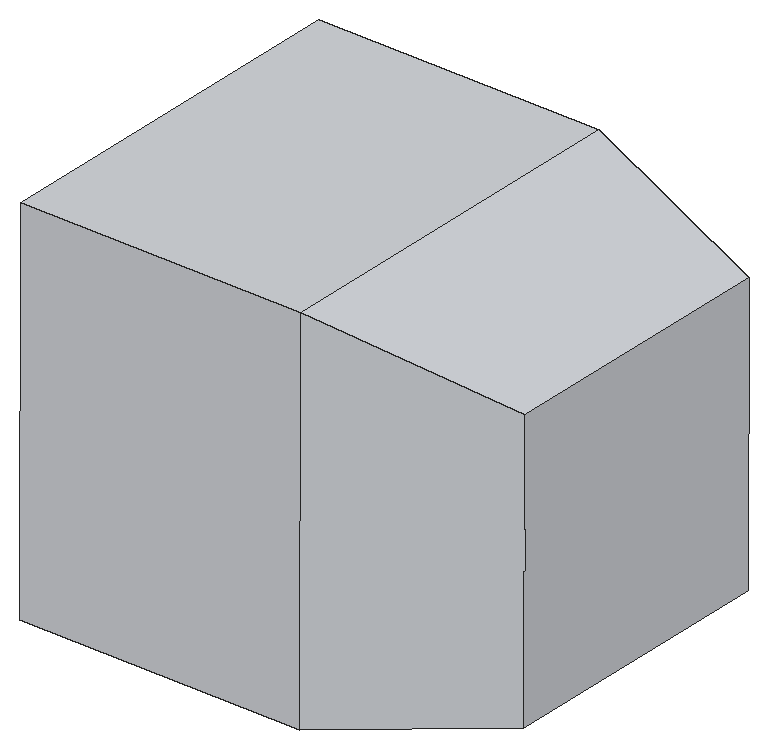
Revit family "M_Torneira retangular - Piramidal", category Conexões de duto, Revit 2019
Family settings
  Cota do conector redondo = Utilizar diâmetro
  Tipo de parte = Derivação - Ajustável
  Número OmniClass = 23.75.70.14
  Título OmniClass = Air Ductwork
  ID de item do Seek = Rectangular Tap - Pyramidal-0000-CAN-ENU
  Com base no plano de trabalho = Não
  Sempre na vertical = Sim
  Corte com vazios quando carregada = Não
  Compartilhado = Não
Parameters (values of type "Padrão")
  built-in parameter 1114214 [instance] = 150 mm
  built-in parameter 1114213 [instance] = 100 mm
  built-in parameter 1114215 [instance] = if(Largura do duto 2 > 400 mm, Largura do duto 2 * Multiplicador de comprimento, 100 mm)  # 0.32808 (stored number, unit not read)
  Multiplicador de comprimento [instance] = 0.25
  Largura do duto 2 [instance] = 150 mm
  Largura do duto 1 [instance] = Largura do duto 2 + Largura de ajuste  # 200 mm
  Altura do duto 2 [instance] = 150 mm
  Altura do duto 1 [instance] = Altura do duto 2 + Altura de ajuste  # 200 mm
  Largura de ajuste [instance] = 50 mm
  Altura de ajuste [instance] = 50 mm
Reference planes
  plane 1 "Centro (Frente/Trás)": y = 0
  plane 2: z = 0
  plane 3 "Centro (Esquerda/Direita)": x = 0
  plane 4: y = 75
  plane 5: y = -75
  plane 6: z = 75
  plane 7: z = -75
  plane 8: y = 100
  plane 9: y = -100
  plane 10: z = -100
  plane 11: z = 100
  plane 12: x = -150
  plane 13: x = 100
Forms (mm)
  Extrusion 1, solid, detail levels medium+fine
    sketch origin (0, 0, 0) x (0, 1, 0) y (0, 0, 1)
      loop
        line (100, 100) -> (-100, 100) -> (-100, -100) -> (100, -100) -> (100, 100)
    from 0 to -150
  Blend 2, solid, detail levels medium+fine
    base sketch origin (0, 0, 0) x (0, 1, 0) y (0, 0, 1)
      loop
        line (100, 100) -> (-100, 100) -> (-100, -100) -> (100, -100) -> (100, 100)
    top sketch origin (0, 0, 0) x (0, 1, 0) y (0, 0, 1)
      loop
        line (75, 75) -> (-75, 75) -> (-75, -75) -> (75, -75) -> (75, 75)
    from 0 to 100
  Extrusion 3, solid, detail levels medium+fine
    sketch origin (0, 0, 0) x (0, 1, 0) y (0, 0, 1)
      loop
        circle (0, 0) r 12.7
    from 0 to 100
Cuts and joins
  joined: Extrusion 1, Blend 2, Extrusion 3
Lines and regions (mm)
  model lines, detail levels coarse
    curve 1: line (0, 0, 0) -> (100, 0, 0)
Dimensions and locks
  equal spacing: plane 6, plane 2, plane 7
  "Altura do duto 2": plane 6 to plane 7
  equal spacing: plane 4, plane 1 "Centro (Frente/Trás)", plane 5
  "Largura do duto 2": plane 4 to plane 5
  equal spacing: plane 8, plane 1 "Centro (Frente/Trás)", plane 9
  "Largura do duto 1": plane 8 to plane 9
  equal spacing: plane 11, plane 2, plane 10
  "Altura do duto 1": plane 11 to plane 10
  "built-in parameter 1114214": plane 12 to plane 3 "Centro (Esquerda/Direita)"
  "built-in parameter 1114213": plane 3 "Centro (Esquerda/Direita)" to plane 13
  aligned and locked: Extrusion 1 sketch curve to plane 11
  aligned and locked: Extrusion 1 sketch curve to plane 9
  aligned and locked: plane 10 to Extrusion 1 sketch curve
  aligned and locked: plane 8 to Extrusion 1 sketch curve
  aligned and locked: Extrusion 1 to plane 3 "Centro (Esquerda/Direita)"
  aligned and locked: Extrusion 1 to plane 12
  aligned and locked: Blend 2 sketch curve to plane 11
  aligned and locked: plane 8 to Blend 2 sketch curve
  aligned and locked: plane 10 to Blend 2 sketch curve
  aligned and locked: Blend 2 sketch curve to plane 9
  aligned and locked: Blend 2 sketch curve to plane 6
  aligned and locked: plane 4 to Blend 2 sketch curve
  aligned and locked: plane 7 to Blend 2 sketch curve
  aligned and locked: Blend 2 sketch curve to plane 5
  aligned and locked: Blend 2 to plane 3 "Centro (Esquerda/Direita)"
  aligned and locked: plane 13 to Blend 2
  aligned and locked: level to Extrusion 3 sketch curve
  aligned and locked: plane 1 "Centro (Frente/Trás)" to Extrusion 3 sketch curve
  aligned and locked: plane 13 to Extrusion 3
  aligned and locked: Extrusion 3 to plane 3 "Centro (Esquerda/Direita)"
  aligned and locked: plane 1 "Centro (Frente/Trás)" to curve 1
  aligned and locked: plane 13 to curve 1
  aligned and locked: plane 3 "Centro (Esquerda/Direita)" to curve 1
Automatic sketch dimensions
  radius of Extrusion 3 sketch curve = 12.7 mm
Connectors
  hvac at (0, 0, 0), driven by "Altura do duto 2", driven by "Largura do duto 2"
    settings: on Extrusion 3, index 1, duct flow 0.0 L/s, flow factor 0, pres drop 0.0 Pa, loss coef 0, conn angle 0.00°, conn width 150 mm, conn height 150 mm, conn diameter 609.6 mm, duct sys type 28, conn prof type 1, flow config 0, flow direction 0, loss method 0, conn ref index 2, conn util no, is conn primary yes, conn desc ""
  hvac at (100, 0, 0), driven by "Altura do duto 2", driven by "Largura do duto 2"
    settings: on Extrusion 3, index 2, duct flow 0.0 L/s, flow factor 0, pres drop 0.0 Pa, loss coef 0, conn angle 0.00°, conn width 150 mm, conn height 150 mm, conn diameter 609.6 mm, duct sys type 28, conn prof type 1, flow config 0, flow direction 0, loss method 0, conn ref index 1, conn util no, is conn primary no, conn desc ""
